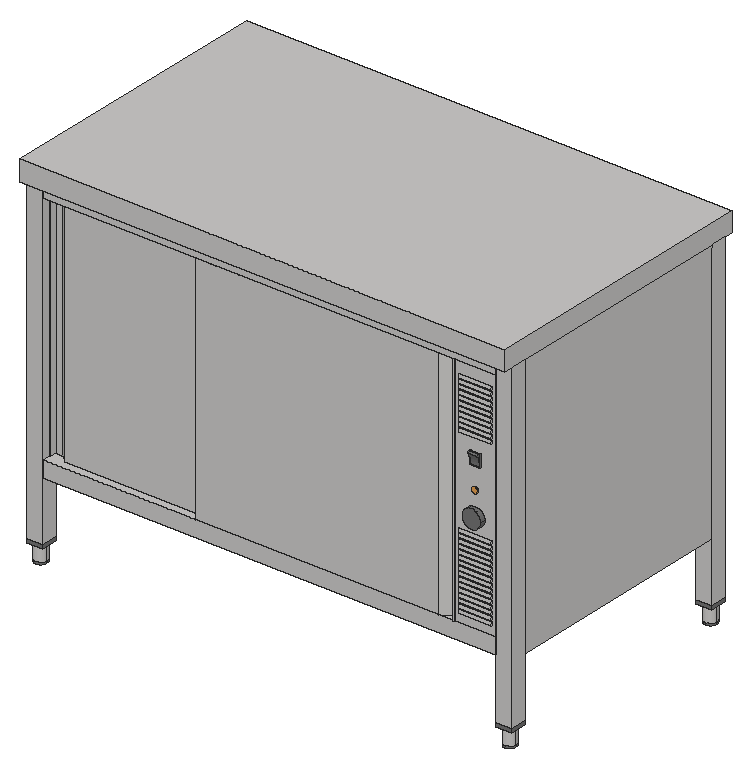
Revit family "QF_ELECTROLUXPROFESSIONAL_134045_GTC1200E", category Attrezzature speciali, Revit 2020
Family settings
  Quota connettore circolare = Usa diametro
  Tipo di parte = Normale
  Basato su piano di lavoro = No
  Sempre verticale = Sì
  Taglio con vuoti quando caricato = No
  Condiviso = No
  Punto di calcolo locali = No
Parameters (values of type "Standard")
  Weight = 70.00 kg
  Watts = 2530 W
  Volts = 220 V
  URL Manufacturer = "https://www.electroluxprofessional.com/"
  URL = "https://www.electroluxprofessional.com/"
  Steam Supply Size = 0 mm
  Steam Supply Minimum Pressure = 0.0 Pa
  Steam Supply Maximum Pressure = 0.0 Pa
  Steam Consumption per Hour = 0
  Refrigeration Suction Line Size = 0.0 mm
  Refrigeration Liquid Line Size = 0.0 mm
  Refrigerant Compressor Remote = yes
  Prospetto di default = 0.0 mm
  Produttore = "Electrolux Professional"
  Phase = 1
  Modello = "GTC1200E"
  Length Actual = 1200.0 mm  # constant formula
  Item Number = "134045"
  Hot Water Size = 0 mm
  Height Actual = 900.0 mm  # constant formula
  HP = "3.4 HP"
  Gas Size = 0 mm
  Gas KW = 0
  Gas Input Pressure = 0 W
  Direct Waste Size = 0 mm
  Descrizione = "HOT CUPBOARD 1200 MM"
  Depth Actual = 700.0 mm  # constant formula
  Cycle = 50 Hz
  Condensate Return Size = 0 mm
  Compressed Air Volume = 0.0 L/s
  Compressed Air Size = 0 mm
  Compressed Air Pressure = 0.0 Pa
  Cold Water Size = 0 mm
  Accessory = yes
Reference planes
  plane 1 "Center (Front/Back)": y = 0
  plane 2: z = 0
  plane 3 "Center (Left/Right)": x = -100
  plane 4 "LEFT": x = -700
  plane 5 "RIGHT": x = 500
  plane 6 "BACK": y = 350
  plane 7 "FRONT": y = -350
  plane 8 "Base": z = 850
  plane 9 "TOP": z = 900
  plane 10: x = -680
  plane 11: x = 480
  plane 12: y = 310
  plane 13: y = -310
  plane 14 "BodyLeft": x = -700
  plane 15 "BodyFront": y = -330
  plane 16 "BodyRight": x = 500
  plane 17 "BodyBack": y = 330
  plane 18 "FEET": z = 200
  plane 19: x = -20
  plane 20: x = -280
  plane 21 "AxeSlideDoor": x = -150
  plane 22: x = 360
  plane 23: x = 410
  plane 24: y = -160
Forms (mm)
  Extrusion 1, solid, material "QF_Finishes_Stainless Steel"
    sketch origin (-100, 0, 0) x (0, 1, 0) y (0, 0, 1)
      loop
        line (-350, 850) -> (350, 850) -> (350, 900) -> (-350, 900) -> (-350, 850)
    from 600 to -600
  Extrusion 2, solid, material "QF_Finishes_Stainless Steel"
    sketch origin (0, 0, 200) x (-1, 0, 0) y (0, -1, 0)
      loop
        line (700, -290) -> (700, 290) -> (660, 290) -> (660, -290) -> (700, -290)
      loop
        line (-460, -290) -> (-460, 290) -> (-500, 290) -> (-500, -290) -> (-460, -290)
    from 0 to 650
  Extrusion 3, solid, material "QF_Finishes_Stainless Steel"
    sketch origin (0, 0, 200) x (-1, 0, 0) y (0, -1, 0)
      loop
        line (660, -290) -> (660, 330) -> (-460, 330) -> (-460, -290) -> (660, -290)
    from 0 to 40
  Extrusion 4, solid, material "QF_Finishes_Stainless Steel"
    sketch origin (0, 0, 200) x (-1, 0, 0) y (0, -1, 0)
      loop
        line (660, -290) -> (-460, -290) -> (-460, -330) -> (660, -330) -> (660, -290)
    from 0 to 650
  Extrusion 5, solid, material "QF_Finishes_Stainless Steel"
    sketch origin (0, 0, 200) x (-1, 0, 0) y (0, -1, 0)
      loop
        line (-360, 330) -> (-360, 310) -> (280, 310) -> (280, 330) -> (-320, 330) -> (-340, 315) -> (-355, 315) -> (-355, 330) -> (-360, 330)
    from 40 to 620
  Extrusion 6, solid, material "QF_Finishes_Stainless Steel"
    sketch origin (0, 20, 200) x (1, 0, 0) y (0, 1, 0)
      loop
        line (-660, -330) -> (-655, -330) -> (-655, -315) -> (-640, -315) -> (-620, -330) -> (-20, -330) -> (-20, -310) -> (-660, -310) -> (-660, -330)
    from 40 to 620
  Extrusion 7, solid, material "QF_Finishes_Stainless Steel"
    sketch origin (0, 0, 200) x (-1, 0, 0) y (0, -1, 0)
      loop
        line (660, 290) -> (-460, 290) -> (-460, -290) -> (660, -290) -> (660, 290)
    from 350 to 390
  Extrusion 8, solid, material "QF_Finishes_Stainless Steel"
    sketch origin (0, 0, 200) x (-1, 0, 0) y (0, -1, 0)
      loop
        line (660, 330) -> (-460, 330) -> (-460, -310) -> (660, -310) -> (660, 330)
    from 620 to 650
  Extrusion 9, solid, material "QF_Finishes_Stainless Steel"
    sketch origin (0, 0, 200) x (-1, 0, 0) y (0, -1, 0)
      loop
        circle (-410, 160) r 10
    from 0 to -5
Lines and regions (mm)
  symbolic lines
    curve 1: line (500, 350, 900) -> (-700, 350, 900)
    curve 2: line (-700, 350, 900) -> (-700, -350, 900)
    curve 3: line (-700, -350, 900) -> (500, -350, 900)
    curve 4: line (500, -350, 900) -> (500, 350, 900)
  symbolic lines, style "SpecialityEquipmentHiddenLines"
    curve 5: line (-700, 330, 200) -> (500, 330, 200)
    curve 6: line (-700, -330, 200) -> (-700, 330, 200)
    curve 7: line (500, -330, 200) -> (-700, -330, 200)
    curve 8: line (500, 330, 200) -> (500, -330, 200)
    curve 9: line (-660, -290, 200) -> (-20, -290, 200)
    curve 10: line (-20, -290, 200) -> (-20, -310, 200)
    curve 11: line (-660, -310, 200) -> (360, -310, 200)
    curve 12: line (360, -310, 200) -> (360, -330, 200)
    curve 13: line (-280, -310, 200) -> (-280, -330, 200)
    curve 14: line (-660, -290, 200) -> (-660, -310, 200)
Dimensions and locks
  plane 4 "LEFT" to plane 5 "RIGHT" = 1200.0 mm
  equal spacing: plane 4 "LEFT", plane 3 "Center (Left/Right)", plane 5 "RIGHT"
  locked: plane 8 "Base" to level at 850
  plane 9 "TOP" to level = 900.0 mm
  plane 6 "BACK" to plane 7 "FRONT" = 700.0 mm
  equal spacing: plane 6 "BACK", plane 1 "Center (Front/Back)", plane 7 "FRONT"
  locked: plane 4 "LEFT" to plane 14 "BodyLeft"
  locked: plane 16 "BodyRight" to plane 5 "RIGHT"
  locked: plane 15 "BodyFront" to plane 7 "FRONT" at 20
  locked: plane 6 "BACK" to plane 17 "BodyBack" at 20
  locked: plane 14 "BodyLeft" to plane 10 at 20
  locked: plane 11 to plane 16 "BodyRight" at 20
  locked: plane 13 to plane 15 "BodyFront" at 20
  locked: plane 17 "BodyBack" to plane 12 at 20
  plane 10 to plane 11 = 1160.0 mm
  plane 12 to plane 13 = 620.0 mm
  locked: plane 14 "BodyLeft" to Extrusion 2 sketch curve at 40
  Extrusion 2 sketch curve to Extrusion 2 sketch curve = 40.0 mm
  locked: plane 18 "FEET" to plane 2 at 200
  plane 22 to plane 5 "RIGHT" = 140.0 mm
  equal spacing: Extrusion 2, plane 21 "AxeSlideDoor", plane 22
  locked: plane 20 to plane 21 "AxeSlideDoor" at 130
  locked: plane 21 "AxeSlideDoor" to plane 19 at 130
  plane 24 to plane 7 "FRONT" = 190.0 mm
  plane 23 to plane 16 "BodyRight" = 90.0 mm
  aligned and locked: level to plane 2
  aligned and locked: plane 10 to nested 1
  aligned and locked: nested 1 to plane 13
  aligned and locked: plane 11 to nested 2
  aligned and locked: nested 2 to plane 13
  aligned and locked: plane 11 to nested 4
  aligned and locked: nested 4 to plane 12
  aligned and locked: plane 10 to nested 3
  aligned and locked: nested 3 to plane 12
  aligned and locked: Extrusion 1 to plane 4 "LEFT"
  aligned and locked: plane 5 "RIGHT" to Extrusion 1
  aligned and locked: curve 2 to plane 4 "LEFT"
  aligned and locked: Extrusion 2 sketch curve to plane 14 "BodyLeft"
  aligned and locked: plane 16 "BodyRight" to Extrusion 2 sketch curve
  aligned and locked: plane 8 "Base" to Extrusion 2
  aligned and locked: Extrusion 5 to Extrusion 3
  aligned and locked: Extrusion 6 sketch curve to plane 19
  aligned and locked: Extrusion 5 sketch curve to plane 20
  aligned and locked: Extrusion 1 to plane 8 "Base"
  aligned and locked: plane 9 "TOP" to Extrusion 1
  aligned and locked: curve 5 to plane 17 "BodyBack"
  aligned and locked: plane 14 "BodyLeft" to curve 6
  aligned and locked: plane 15 "BodyFront" to curve 7
  aligned and locked: plane 16 "BodyRight" to curve 8
  aligned and locked: Extrusion 3 sketch curve to Extrusion 2  (x2)
  aligned and locked: Extrusion 2 to Extrusion 4 sketch curve  (x2)
  aligned and locked: curve 7 to Extrusion 3 sketch curve
  aligned and locked: Extrusion 3 sketch curve to Extrusion 4
  aligned and locked: Extrusion 4 to plane 18 "FEET"
  aligned and locked: plane 22 to Extrusion 5 sketch curve
  aligned and locked: nested 5 to Extrusion 2
  aligned and locked: nested 5 to Extrusion 3
  aligned and locked: Extrusion 8 sketch curve to plane 15 "BodyFront"
  aligned and locked: plane 12 to Extrusion 8 sketch curve
  aligned and locked: curve 12 to plane 22
Automatic sketch dimensions
  curve 3 to plane 5 "RIGHT" = 0.0 mm
  curve 3 to plane 7 "FRONT" = 0.0 mm
  curve 2 to plane 6 "BACK" = 0.0 mm
  Extrusion 1 sketch curve to plane 7 "FRONT" = 0.0 mm
  Extrusion 1 sketch curve to plane 6 "BACK" = 0.0 mm
  Extrusion 1 sketch curve to plane 8 "Base" = 0.0 mm
  Extrusion 1 sketch curve to plane 9 "TOP" = 0.0 mm
  Extrusion 2 sketch curve to plane 12 = 20.0 mm  (x2)
  plane 13 to Extrusion 2 sketch curve = 20.0 mm  (x2)
  Extrusion 4 sketch curve to plane 17 "BodyBack" = 0.0 mm
  Extrusion 4 sketch curve to plane 12 = 20.0 mm
  Extrusion 5 sketch curve to plane 15 "BodyFront" = 0.0 mm  (x2)
  Extrusion 5 sketch curve to plane 13 = 0.0 mm
  Extrusion 5 sketch curve to plane 22 = 5.0 mm
  Extrusion 5 sketch curve to plane 13 = 5.0 mm
  Extrusion 5 sketch curve to Extrusion 5 sketch curve = 15.0 mm
  Extrusion 5 sketch curve to Extrusion 5 sketch curve = 20.0 mm
  Extrusion 6 sketch curve to plane 13 = 0.0 mm  (x2)
  Extrusion 6 sketch curve to plane 10 = 60.0 mm
  Extrusion 6 sketch curve to plane 13 = 15.0 mm
  Extrusion 6 sketch curve to Extrusion 6 sketch curve = 20.0 mm  (x2)
  Extrusion 6 sketch curve to Extrusion 6 sketch curve = 15.0 mm
  Extrusion 6 sketch curve to Extrusion 6 sketch curve = 5.0 mm
  curve 11 to plane 13 = 0.0 mm
  curve 10 to plane 19 = 0.0 mm
  curve 13 to plane 20 = 0.0 mm
  plane 10 to curve 11 = 20.0 mm
  plane 13 to curve 9 = 20.0 mm
  Extrusion 7 sketch curve to plane 11 = 20.0 mm
  plane 10 to Extrusion 7 sketch curve = 20.0 mm
  Extrusion 7 sketch curve to plane 12 = 20.0 mm
  plane 13 to Extrusion 7 sketch curve = 20.0 mm
  Extrusion 8 sketch curve to plane 11 = 20.0 mm
  plane 10 to Extrusion 8 sketch curve = 20.0 mm
  Extrusion 9 sketch curve to plane 23 = 0.0 mm
  Extrusion 9 sketch curve to plane 24 = 0.0 mm
  radius of Extrusion 9 sketch curve = 10.0 mm
Nested families
  nested 1: "FEET_40x40_APP50" at (-680, -310, 0), type "FEET_40x40_APP50"
  nested 2: "FEET_40x40_APP50" at (480, -310, 0), type "FEET_40x40_APP50"
  nested 3: "FEET_40x40_APP50" at (-680, 310, 0), type "FEET_40x40_APP50"
  nested 4: "FEET_40x40_APP50" at (480, 310, 0), type "FEET_40x40_APP50"
  nested 5: "WT_PNL100x580" at (546.92, -290, 605) x (1, 0, 0) z (0, -1, 0), type "WT_PNL100x580"
    with Show Logo yes
Connectors
  electrical at (410, -160, 195)
    settings: on Extrusion 9, index 1, voltage 0 V, apparent load 0 VA, apparent load phase1 0 VA, apparent load phase2 0 VA, apparent load phase3 0 VA, power factor 1, load classification "Other", number of poles 1, system type 30, power factor state 1, is connector primary yes, connector utility no, sub classification motor no, connector description "Electrical connection"
Definition of nested family "FEET_40x40_APP50"
  Parameters
    Default Elevation = 0.0 mm
    FEET = 850.0 mm
  Reference planes
    plane 1 "Center (Front/Back)": y = 0
    plane 2: z = 0
    plane 3 "Center (Left/Right)": x = 0
    plane 4: z = 850
  Forms (mm)
    Extrusion 1, solid
      sketch origin (0, 0, 0) x (1, 0, 0) y (0, 1, 0)
        loop
          line (-20, -20) -> (20, -20) -> (20, 20) -> (-20, 20) -> (-20, -20)
      from 50 to 850
    Extrusion 2, solid
      sketch origin (0, 0, 0) x (1, 0, 0) y (0, 1, 0)
        loop
          circle (0, 0) r 15
      from 0 to 5
    Extrusion 3, solid
      sketch origin (0, 0, 0) x (1, 0, 0) y (0, 1, 0)
        loop
          line (-20, -20) -> (20, -20) -> (20, 20) -> (-20, 20) -> (-20, -20)
      from 50 to 42
    Extrusion 4, solid
      sketch origin (0, 0, 0) x (1, 0, 0) y (0, 1, 0)
        loop
          circle (0, 0) r 15
      from 5 to 42
  Lines and regions (mm)
    symbolic lines
      curve 1: line (0, -1.503, 0) -> (0, 1.508, 0)
      curve 2: line (1.561, 0, 0) -> (-1.439, 0, 0)
  Dimensions and locks
    "FEET": plane 4 to plane 2
    aligned and locked: level to plane 2
  Automatic sketch dimensions
    plane 1 "Center (Front/Back)" to curve 2 = 0.0 mm
    curve 1 to plane 3 "Center (Left/Right)" = 0.0 mm
    curve 2 to plane 3 "Center (Left/Right)" = 1.439 mm
    plane 3 "Center (Left/Right)" to curve 2 = 1.561 mm
    plane 1 "Center (Front/Back)" to curve 1 = 1.503 mm
    curve 1 to plane 1 "Center (Front/Back)" = 1.508 mm
    Extrusion 1 sketch curve to plane 3 "Center (Left/Right)" = 20.0 mm
    plane 3 "Center (Left/Right)" to Extrusion 1 sketch curve = 20.0 mm
    plane 1 "Center (Front/Back)" to Extrusion 1 sketch curve = 20.0 mm
    Extrusion 1 sketch curve to plane 1 "Center (Front/Back)" = 20.0 mm
    plane 1 "Center (Front/Back)" to Extrusion 2 sketch curve = 0.0 mm
    Extrusion 2 sketch curve to plane 3 "Center (Left/Right)" = 0.0 mm
    Extrusion 3 sketch curve to plane 3 "Center (Left/Right)" = 20.0 mm
    plane 3 "Center (Left/Right)" to Extrusion 3 sketch curve = 20.0 mm
    plane 1 "Center (Front/Back)" to Extrusion 3 sketch curve = 20.0 mm
    Extrusion 3 sketch curve to plane 1 "Center (Front/Back)" = 20.0 mm
    plane 1 "Center (Front/Back)" to Extrusion 4 sketch curve = 0.0 mm
    Extrusion 4 sketch curve to plane 3 "Center (Left/Right)" = 0.0 mm
    radius of Extrusion 2 sketch curve = 15.0 mm
    radius of Extrusion 4 sketch curve = 15.0 mm
Definition of nested family "WT_PNL100x580"
  Parameters
    Show Logo [instance] = yes
    Default Elevation = 1219.2 mm
  Reference planes
    plane 1 "Center (Front/Back)": y = -75
    plane 2: z = 0
    plane 3 "Center (Left/Right)": x = -136.92
    plane 4: x = -186.92
    plane 5: x = -86.92
    plane 6 "TOP": z = 40
  Forms (mm)
    Extrusion 1, solid
      sketch origin (0, 0, 0) x (1, 0, 0) y (0, 1, 0)
        loop
          line (-1219.2, 1219.2) -> (-1219.2, -1219.2) -> (1219.2, -1219.2) -> (1219.2, 1219.2) -> (-1219.2, 1219.2)
      from 0 to -304.8
    Extrusion 2, solid
      sketch origin (0, 35, 0) x (1, 0, 0) y (0, 1, 0)
        loop
          line (-186.92, 180) -> (-186.92, -400) -> (-86.92, -400) -> (-86.92, 180) -> (-186.92, 180)
      from 0 to 40
    Extrusion 3, solid
      sketch origin (0, 35, 40) x (-1, 0, 0) y (0, -1, 0)
        loop
          circle (136.92, 151.711) r 22.964
      from 0 to 11.071
    Extrusion 4, solid
      sketch origin (-136.92, 35, 0) x (0, 1, 0) y (0, 0, 1)
        loop
          line (95.896, 40) -> (104.899, 40) -> (95.896, 41.206) -> (95.896, 40)
        loop
          line (107.896, 40) -> (116.899, 40) -> (107.896, 41.206) -> (107.896, 40)
        loop
          line (119.896, 40) -> (128.899, 40) -> (119.896, 41.206) -> (119.896, 40)
        loop
          line (131.896, 40) -> (140.899, 40) -> (131.896, 41.206) -> (131.896, 40)
        loop
          line (143.896, 40) -> (152.899, 40) -> (143.896, 41.206) -> (143.896, 40)
        loop
          line (-246.104, 40) -> (-237.101, 40) -> (-246.104, 41.206) -> (-246.104, 40)
        loop
          line (-234.104, 40) -> (-225.101, 40) -> (-234.104, 41.206) -> (-234.104, 40)
        loop
          line (-222.104, 40) -> (-213.101, 40) -> (-222.104, 41.206) -> (-222.104, 40)
        loop
          line (-210.104, 40) -> (-201.101, 40) -> (-210.104, 41.206) -> (-210.104, 40)
        loop
          line (-198.104, 40) -> (-189.101, 40) -> (-198.104, 41.206) -> (-198.104, 40)
        loop
          line (-318.104, 40) -> (-309.101, 40) -> (-318.104, 41.206) -> (-318.104, 40)
        loop
          line (-306.104, 40) -> (-297.101, 40) -> (-306.104, 41.206) -> (-306.104, 40)
        loop
          line (-294.104, 40) -> (-285.101, 40) -> (-294.104, 41.206) -> (-294.104, 40)
        loop
          line (-282.104, 40) -> (-273.101, 40) -> (-282.104, 41.206) -> (-282.104, 40)
        loop
          line (-270.104, 40) -> (-261.101, 40) -> (-270.104, 41.206) -> (-270.104, 40)
        loop
          line (-258.104, 40) -> (-249.101, 40) -> (-258.104, 41.206) -> (-258.104, 40)
        loop
          line (-366.104, 40) -> (-357.101, 40) -> (-366.104, 41.206) -> (-366.104, 40)
        loop
          line (-354.104, 40) -> (-345.101, 40) -> (-354.104, 41.206) -> (-354.104, 40)
        loop
          line (-342.104, 40) -> (-333.101, 40) -> (-342.104, 41.206) -> (-342.104, 40)
        loop
          line (-330.104, 40) -> (-321.101, 40) -> (-330.104, 41.206) -> (-330.104, 40)
        loop
          line (-378.104, 40) -> (-369.101, 40) -> (-378.104, 41.206) -> (-378.104, 40)
        loop
          line (23.896, 40) -> (32.899, 40) -> (23.896, 41.206) -> (23.896, 40)
        loop
          line (35.896, 40) -> (44.899, 40) -> (35.896, 41.206) -> (35.896, 40)
        loop
          line (47.896, 40) -> (56.899, 40) -> (47.896, 41.206) -> (47.896, 40)
        loop
          line (59.896, 40) -> (68.899, 40) -> (59.896, 41.206) -> (59.896, 40)
        loop
          line (71.896, 40) -> (80.899, 40) -> (71.896, 41.206) -> (71.896, 40)
        loop
          line (83.896, 40) -> (92.899, 40) -> (83.896, 41.206) -> (83.896, 40)
      from -40 to 40
    Extrusion 5, solid
      sketch origin (0, -5, 40) x (-1, 0, 0) y (0, -1, 0)
        loop
          line (123.92, -32.89) -> (149.92, -32.89) -> (149.92, -1.89) -> (123.92, -1.89) -> (123.92, -32.89)
        loop
          line (148.92, -31.89) -> (148.92, -2.89) -> (124.92, -2.89) -> (124.92, -31.89) -> (148.92, -31.89)
      from 0 to 1.6
    Extrusion 6, solid
      sketch origin (0, 95, 40) x (-1, 0, 0) y (0, -1, 0)
        loop
          circle (136.92, 151.711) r 7
      from 0 to 1.6
    Extrusion 7, solid
      sketch origin (-136.92, 35, 0) x (0, 1, 0) y (0, 0, 1)
        loop
          line (-37.11, 38) -> (-8.11, 38) -> (-8.11, 41.206)
          arc (-8.11, 41.206) -> (-8.756, 45.488) -> (-10.639, 49.389) r 14.5
          arc (-10.639, 49.389) -> (-23.172, 43.026) -> (-37.11, 41.206) r 41.552
          line (-37.11, 41.206) -> (-37.11, 38)
      from -12 to 12
  Dimensions and locks
    equal spacing: plane 4, plane 3 "Center (Left/Right)", plane 5
    plane 6 "TOP" to level = 40.0 mm
    Extrusion 2 to Extrusion 2 = 580.0 mm
    plane 4 to plane 5 = 100.0 mm
    aligned and locked: plane 2 to Extrusion 1
    aligned and locked: level to Extrusion 1
  Automatic sketch dimensions
    Extrusion 1 sketch curve to Extrusion 1 sketch curve = 2438.4 mm  (x2)
    Extrusion 2 sketch curve to plane 4 = 0.0 mm
    Extrusion 2 sketch curve to plane 5 = 0.0 mm
    Extrusion 3 sketch curve to plane 3 "Center (Left/Right)" = 0.0 mm
    plane 1 "Center (Front/Back)" to Extrusion 3 sketch curve = 41.711 mm
    plane 3 "Center (Left/Right)" to Extrusion 5 sketch curve = 13.0 mm
    Extrusion 5 sketch curve to plane 3 "Center (Left/Right)" = 13.0 mm
    Extrusion 5 sketch curve to plane 1 "Center (Front/Back)" = 102.89 mm
    Extrusion 5 sketch curve to Extrusion 5 sketch curve = 31.0 mm
    Extrusion 6 sketch curve to plane 3 "Center (Left/Right)" = 0.0 mm
    Extrusion 6 sketch curve to plane 1 "Center (Front/Back)" = 18.289 mm
    Extrusion 4 sketch curve to plane 6 "TOP" = 0.0 mm  (x27)
    Extrusion 4 sketch curve to Extrusion 4 sketch curve = 9.003 mm  (x27)
    Extrusion 4 sketch curve to Extrusion 4 sketch curve = 2.997 mm  (x25)
    plane 6 "TOP" to Extrusion 4 sketch curve = 1.206 mm  (x27)
    Extrusion 4 sketch curve to plane 1 "Center (Front/Back)" = 133.896 mm
    Extrusion 5 sketch curve to Extrusion 5 sketch curve = 1.0 mm  (x4)
    Extrusion 7 sketch curve to plane 6 "TOP" = 2.0 mm
    Extrusion 7 sketch curve to plane 1 "Center (Front/Back)" = 72.89 mm
    Extrusion 7 sketch curve to plane 1 "Center (Front/Back)" = 74.556 mm
    plane 6 "TOP" to Extrusion 7 sketch curve = 1.206 mm  (x2)
    Extrusion 7 sketch curve to Extrusion 7 sketch curve = 14.5 mm  (x2)
    Extrusion 7 sketch curve to Extrusion 7 sketch curve = 2.529 mm
    Extrusion 2 sketch curve to plane 1 "Center (Front/Back)" = 290.0 mm
    plane 1 "Center (Front/Back)" to Extrusion 2 sketch curve = 290.0 mm
    plane 1 "Center (Front/Back)" to Extrusion 4 sketch curve = 79.101 mm
    radius of Extrusion 3 sketch curve = 22.964 mm
    radius of Extrusion 6 sketch curve = 7.0 mm
